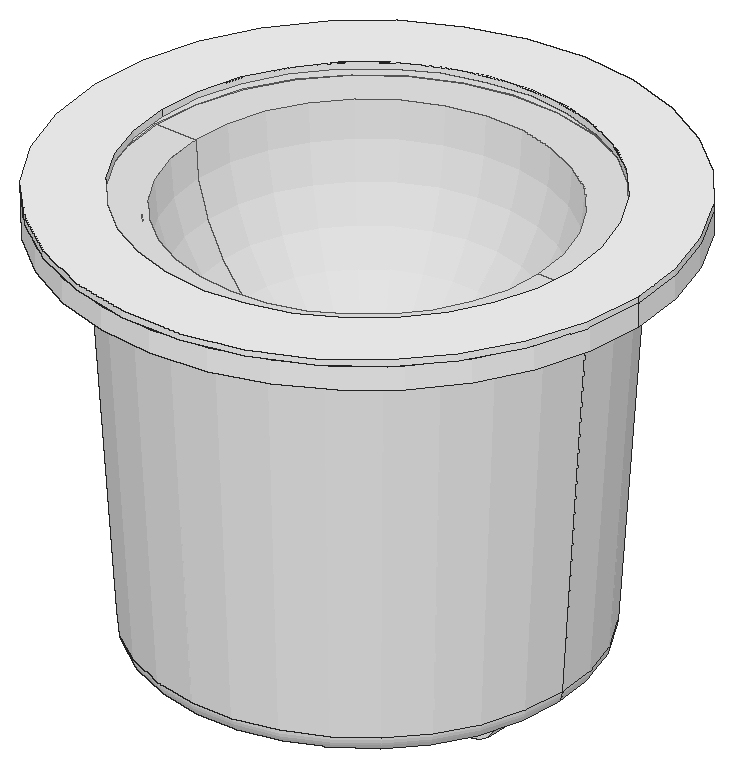
Revit family "2058899 Feilo Sylvania Lighting Fixture MYRD IP FL 3K DALIEM BLK WBEZ", category Lighting Fixtures, host Face, Revit 2017
Family settings
  Host = Face
  Round Connector Dimension = Use Diameter
  Part Type = Normal
  OmniClass Number = 23.80.70.11.17
  OmniClass Title = Specialized Lighting by Location or Use
  Cut with Voids When Loaded = No
  Light Source = Yes
  Shared = No
  Room Calculation Point = No
Parameters
  Weight = "1.44 kg"
  Wattage = 15 W
  WarrantyStartDate [instance] = "n/a"
  WarrantyGuarantorParts = "n/a"
  WarrantyDurationUnit = "n/a"
  WarrantyDurationParts = "n/a"
  WarrantyDescription = "n/a"
  built-in parameter 1150110 = 1 (stored number, unit not read)
  Voltage = 230 V
  URL = "http://www.sylvania-lighting.com"
  TypeName = "MYRD IP FL 3K DALIEM BLK WBEZ"
  Type Image = 0
  Type Comments = ""
  built-in parameter 1114217 = 1 (stored number, unit not read)
  Tilt Angle = -90°
  built-in parameter 1150109 = 1 (stored number, unit not read)
  built-in parameter 1150134 = (empty or 0)
  built-in parameter 1150113 = 1 (stored number, unit not read)
  SerialNumber [instance] = "n/a"
  Reflector Radius = Cutout Diameter / 2 - 2.5 mm  # 35.0 mm
  Reflector Material = Aluminum_Sylvania_Myriad_Bright
  Recessed Depth = Height  # 72.0 mm
  PowerFactor = 0
  PowerConsumption = "15 W"
  Photometric Web File = ""
  NominalWidth = 0.0 mm
  NominalLength = 76.0 mm
  NominalHeight = 72.0 mm
  Name = "MYRD IP FL 3K DALIEM BLK WBEZ"
  ModelReference = "MYRD IP FL 3K DALIEM BLK WBEZ"
  ModelNumber = "2058899"
  Material = "Aluminium"
  ManufacturerName = "Feilo Sylvania"
  LuminousEfficacy = "50 lm/W"
  LuminaireType = "Ceiling recessed"
  LightOutputRatio = "1"
  LampsType = Lamp  # "LED"
  LampNominalLuminous = "790 lm"
  LampMacAdamStep = "n/a"
  LampColourTemperature = "3000 K"
  LampColourRenderingIndex = "n/a"
  Keynote = "16500"
  Keynote_2 = "16500"
  InstallationDate [instance] = "n/a"
  InputVoltage = "230-240V~"
  InputNominalFrequency = "50/60 Hz"
  IngressProtection = "IP65"
  ImpactProtectionIndex = "IK02"
  IfcExportType = "IfcLightFixtureType"
  IfcExportAs = "IfcLightFixtureType"
  Height = 72.0 mm  # constant formula
  ExpectedLife = 50000
  Emit from Circle Diameter = Accessory Inner Diameter 2  # 68.0 mm
  Emit Shape Visible in Rendering = no
  ElectricShockClassification = "Class II"
  DurationUnit = "hours"
  DocumentationLiterature = "http://www.sylvania-lighting.com/product/en-int/products/2058899"
  DimmingControlOptions = "Dimmable"
  Diffuser Material = Glass_Sylvania_Myriad_Clear_4000K
  Diffuser Diameter = Cutout Diameter  # 75.0 mm
  Cutout Diameter = 75.0 mm  # constant formula
  CreatedOn = "03-11-2017"
  CreatedBy = ""
  Cost = 0
  built-in parameter 1114216 [instance] = 1 (stored number, unit not read)
  built-in parameter 1150142 = (empty or 0)
  Model = "MYRD IP FL 3K DALIEM BLK WBEZ"
  Manufacturer = "Feilo Sylvania"  # constant formula
  built-in parameter 1150105 = 59.683 (stored number, unit not read)
  Lumens = 750 lm
  built-in parameter 1150115 = 1 (stored number, unit not read)
  built-in parameter 1150137 = (empty or 0)
  built-in parameter 1150139 = (empty or 0)
  built-in parameter 1150112 = 1 (stored number, unit not read)
  built-in parameter 1150114 = 1 (stored number, unit not read)
  Lamp = "LED"
  built-in parameter 1150132 = (empty or 0)
  built-in parameter 1150102 = (empty or 0)
  built-in parameter 1150107 = 3000 (stored number, unit not read)
  built-in parameter 1150138 = (empty or 0)
  built-in parameter 1150106 = 0.59683 (stored number, unit not read)
  built-in parameter 1150104 = 4.6452 (stored number, unit not read)
  Dimming Lamp Color Temperature Shift = (empty or 0)
  Description = "Supplied complete with electronic control gear Compact Fluorescent low energy downlight Emergency version passes through the cut out Ideal for low level orientation lighting New range of Architectural accessories each providing a different lit dimension New completely flush plaster up accessory ring for clean ceiling lines and smooth finish Order lamp separately"  # constant formula
  Default Elevation = 0.0 mm
  Color Filter = 16777215
  built-in parameter 1140040 [instance] = 1
  Body Radius = Reflector Radius + 1.5 mm  # 36.5 mm
  Body Material = Aluminum_Sylvania_Myriad_Gray
  BarCode [instance] = "n/a"
  built-in parameter 1114218 = 1 (stored number, unit not read)
  built-in parameter 1150133 = 10 (stored number, unit not read)
  AssetType = "Fixed"
  AssetIdentifier [instance] = "n/a"
  Assembly Code = "D5020200"
  Apparent Load = 15 VA
  Accessory Material = Aluminum_Sylvania_Myriad_White
  Accessory Inner Diameter 2 = Accessory Diameter - 22.0 mm  # 68.0 mm
  Accessory Inner Diameter 1 = Accessory Diameter - 2.0 mm  # 88.0 mm
  Accessory Diameter = Cutout Diameter + 15.0 mm  # 90.0 mm
Reference planes
  plane 1 "Center (Front/Back)": y = 0
  plane 2: z = 0
  plane 3 "Center (Left/Right)": x = 0
  plane 4: z = 2
  plane 5 "Fixture Bottom": z = 4.5
  plane 6: z = -28.5
  plane 7: z = -61.5
  plane 8 "Fixture Top": z = -67.5
  plane 9: z = 3.5
Forms (mm)
  Revolve 1, solid, material "Aluminum_Sylvania_Myriad_Bright" <- "Reflector Material", detail levels fine
    sketch origin (0, 0, 0) x (1, 0, 0) y (0, 0, 1)
      loop
        line (0, -27.515) -> (-6, -27.515)
        arc (-6, -27.515) -> (-22.333, -16.632) -> (-28.5, 2) r 30.135
        line (-28.5, 2) -> (-35, 2) -> (-35, 0) -> (-29.184, 0)
        arc (-29.184, 0) -> (-22.423, -18.18) -> (-6, -28.5) r 30.204
        line (-6, -28.5) -> (0, -28.5) -> (0, -27.515)
      axis (0, -28.5) -> (0, 2)
    angle from 0 to 360
  Revolve 2, solid, material "Aluminum_Sylvania_Myriad_Gray" <- "Body Material", detail levels fine
    sketch origin (0, 0, 0) x (1, 0, 0) y (0, 0, 1)
      loop
        line (-44, 2) -> (-44, 0) -> (-36.5, 0) -> (-32.42, -58.708)
        arc (-32.42, -58.708) -> (-31.474, -60.694) -> (-29.428, -61.5) r 3
        line (-29.428, -61.5) -> (0, -61.5) -> (0, -28.5) -> (-6, -28.5)
        arc (-6, -28.5) -> (-22.423, -18.18) -> (-29.184, 0) r 30.204
        line (-29.184, 0) -> (-35, 0) -> (-35, 2) -> (-44, 2)
      axis (0, 2) -> (0, -61.5)
    angle from 0 to 360
  Extrusion 3, solid, material "Aluminum_Sylvania_Myriad_Gray" <- "Body Material", detail levels fine
    sketch origin (0, 0, 0) x (1, 0, 0) y (0, 0, 1)
      loop
        line (-13.5, -67.5) -> (21, -67.5)
        arc (21, -67.5) -> (23.828, -66.328) -> (25, -63.5) r 4
        line (25, -63.5) -> (25, -61.5) -> (-17.5, -61.5) -> (-17.5, -63.5)
        arc (-17.5, -63.5) -> (-16.328, -66.328) -> (-13.5, -67.5) r 4
    from -4.5 to 4.5
  Extrusion 4, solid, material "Aluminum_Sylvania_Myriad_White" <- "Accessory Material", detail levels fine
    sketch origin (0, 0, 0) x (1, 0, 0) y (0, 1, 0)
      loop
        circle (0, 0) r 45
      loop
        circle (0, 0) r 44
    from 0 to 3.5
  Extrusion 5, solid, material "Aluminum_Sylvania_Myriad_White" <- "Accessory Material", detail levels fine
    sketch origin (0, 0, 0) x (1, 0, 0) y (0, 1, 0)
      loop
        circle (0, 0) r 45
      loop
        circle (0, 0) r 34
    from 3.5 to 4.5
  Extrusion 6, solid, material "Aluminum_Sylvania_Myriad_White" <- "Accessory Material", detail levels coarse+medium
    sketch origin (0, 0, 0) x (1, 0, 0) y (0, 1, 0)
      loop
        circle (0, 0) r 45
    from 0 to 4.5
  Revolve 7, solid, detail levels coarse+medium
    sketch origin (0, 0, 0) x (1, 0, 0) y (0, 0, 1)
      loop
        line (36.5, 0) -> (0, 0) -> (0, -61.5) -> (32.226, -61.5) -> (36.5, 0)
      axis (0, 0) -> (0, -61.5)
    angle from 0 to 360
  Extrusion 8, void
    sketch origin (0, 0, 0) x (1, 0, 0) y (0, 1, 0)
      loop
        circle (0, 0) r 37.5
    from -67.5 to 0
  Extrusion 9, solid, material "Glass_Sylvania_Myriad_Clear_4000K" <- "Diffuser Material", detail levels fine
    sketch origin (0, 0, 0) x (1, 0, 0) y (0, 1, 0)
      loop
        circle (0, 0) r 37.5
    from 2 to 3.5
Cuts and joins
  joined: Extrusion 4, Extrusion 5
Lines and regions (mm)
  Masking region 1
    outline origin (0, 0, 0) x (1, 0, 0) y (0, 1, 0)
      loop
        circle (0, 0) r 45
  symbolic lines
    curve 1: arc (-34, 0, 0) -> (0, 34, 0) -> (34, 0, 0) r 34
    curve 2: arc (34, 0, 0) -> (0, -34, 0) -> (-34, 0, 0) r 34
Dimensions and locks
  locked: plane 7 to plane 8 "Fixture Top" at 6
  "Body Radius": Revolve 7 sketch curve to plane 3 "Center (Left/Right)"
  locked: Revolve 7 sketch curve to Revolve 7 sketch curve at 4.274
  plane 5 "Fixture Bottom" to plane 9 to plane 4 to plane 2 to plane 6 = 1.0 mm locked, 1.5 mm locked, 2.0 mm locked, 28.5 mm locked
  "Reflector Radius": Revolve 1 sketch curve to plane 3 "Center (Left/Right)"
  Revolve 1 sketch curve to Revolve 1 sketch curve to Revolve 1 sketch curve to Revolve 1 sketch curve = 6.5 mm locked, 22.5 mm locked, 0.0 mm locked
  "Reflector Radius": plane 3 "Center (Left/Right)" to Revolve 2 sketch curve
  Revolve 2 sketch curve to Revolve 2 sketch curve to Revolve 2 sketch curve = 7.5 mm locked, 1.5 mm locked
  Revolve 2 sketch curve to Revolve 2 sketch curve to Revolve 2 sketch curve = 5.816 mm locked, 23.184 mm locked
  Revolve 2 sketch curve to Revolve 2 sketch curve to Revolve 2 sketch curve = 2.58 mm locked, 2.993 mm locked
  "Accessory Diameter": diameter of Extrusion 4 sketch curve
  "Accessory Inner Diameter 1": diameter of Extrusion 4 sketch curve
  "Accessory Diameter": diameter of Extrusion 5 sketch curve
  "Accessory Diameter": diameter of Extrusion 6 sketch curve
  "Cutout Diameter": diameter of Extrusion 8 sketch curve
  "Accessory Inner Diameter 2": diameter of Extrusion 5 sketch curve
  "Diffuser Diameter": diameter of Extrusion 9 sketch curve
  aligned and locked: plane 2 to host face
  aligned and locked: level to host face
  aligned and locked: plane 1 "Center (Front/Back)" to imposter light
  aligned and locked: plane 3 "Center (Left/Right)" to imposter light
  aligned and locked: Revolve 1 sketch curve to imposter light
  aligned and locked: Extrusion 3 sketch curve to plane 8 "Fixture Top"
  aligned and locked: plane 7 to Extrusion 3 sketch curve
  aligned and locked: Extrusion 4 to plane 2
  aligned and locked: plane 9 to Extrusion 4
  aligned and locked: Extrusion 5 to plane 9
  aligned and locked: plane 5 "Fixture Bottom" to Extrusion 5
  aligned and locked: Extrusion 6 to plane 2
  aligned and locked: plane 5 "Fixture Bottom" to Extrusion 6
  aligned and locked: Extrusion 8 to plane 8 "Fixture Top"
  aligned and locked: plane 2 to Extrusion 8
  aligned and locked: Masking region 1 sketch curve to Extrusion 6  (x2)
  aligned and locked: Extrusion 9 to plane 4
  aligned and locked: plane 9 to Extrusion 9
  aligned and locked: plane 4 to Revolve 2 sketch curve
  aligned and locked: Revolve 2 sketch curve to plane 2
  aligned and locked: curve 1 to cut or joined group of Extrusion 4, Extrusion 5
  aligned and locked: curve 2 to cut or joined group of Extrusion 4, Extrusion 5
  aligned and locked: imposter light to plane 5 "Fixture Bottom"
Automatic sketch dimensions
  host sketch curve to host sketch curve = 1305.563 mm
  host sketch curve to host sketch curve = 1283.632 mm
  Extrusion 3 sketch curve to plane 7 = 2.0 mm
  Extrusion 3 sketch curve to plane 3 "Center (Left/Right)" = 13.5 mm
  plane 3 "Center (Left/Right)" to Extrusion 3 sketch curve = 21.0 mm
  Extrusion 3 sketch curve to Extrusion 3 sketch curve = 4.0 mm
  Revolve 1 sketch curve to level = 0.0 mm
  Revolve 1 sketch curve to plane 3 "Center (Left/Right)" = 0.0 mm
  Revolve 1 sketch curve to plane 6 = 0.0 mm
  Revolve 1 sketch curve to plane 4 = 0.0 mm
  Revolve 1 sketch curve to Revolve 1 sketch curve = 0.684 mm
  level to Revolve 1 sketch curve = 0.88 mm
  Revolve 1 sketch curve to plane 4 = 0.363 mm
  Revolve 1 sketch curve to Revolve 1 sketch curve = 0.625 mm
  Revolve 1 sketch curve to plane 8 "Fixture Top" = 232.8 mm
  plane 5 "Fixture Bottom" to Revolve 1 sketch curve = 291.243 mm
  Revolve 2 sketch curve to plane 3 "Center (Left/Right)" = 0.0 mm  (x2)
  Revolve 2 sketch curve to plane 7 = 0.0 mm
  Revolve 2 sketch curve to plane 6 = 0.0 mm
  Revolve 2 sketch curve to level = 0.0 mm
  level to Revolve 2 sketch curve = 0.88 mm
  plane 7 to Revolve 2 sketch curve = 2.792 mm
  Revolve 2 sketch curve to plane 8 "Fixture Top" = 304.774 mm
  plane 5 "Fixture Bottom" to Revolve 2 sketch curve = 1137.105 mm
  Extrusion 4 sketch curve to Extrusion 4 sketch curve = 0.0 mm  (x2)
  plane 1 "Center (Front/Back)" to Extrusion 4 sketch curve = 0.0 mm
  Extrusion 4 sketch curve to plane 3 "Center (Left/Right)" = 0.0 mm
  Extrusion 5 sketch curve to Extrusion 5 sketch curve = 0.0 mm  (x2)
  plane 1 "Center (Front/Back)" to Extrusion 5 sketch curve = 0.0 mm
  Extrusion 5 sketch curve to plane 3 "Center (Left/Right)" = 0.0 mm
  plane 1 "Center (Front/Back)" to Extrusion 6 sketch curve = 0.0 mm
  Extrusion 6 sketch curve to plane 3 "Center (Left/Right)" = 0.0 mm
  Revolve 7 sketch curve to level = 0.0 mm
  Revolve 7 sketch curve to plane 3 "Center (Left/Right)" = 0.0 mm  (x2)
  Revolve 7 sketch curve to plane 7 = 0.0 mm
  Revolve 7 sketch curve to plane 8 "Fixture Top" = 304.774 mm
  plane 5 "Fixture Bottom" to Revolve 7 sketch curve = 43.226 mm
  plane 1 "Center (Front/Back)" to Extrusion 8 sketch curve = 0.0 mm
  Extrusion 8 sketch curve to plane 3 "Center (Left/Right)" = 0.0 mm
  plane 1 "Center (Front/Back)" to Extrusion 9 sketch curve = 0.0 mm
  Extrusion 9 sketch curve to plane 3 "Center (Left/Right)" = 0.0 mm
Connectors
  electrical at (-0.006, -0.019, -67.5), driven by "Apparent Load", driven by "Apparent Load"
    settings: on plane 8 "Fixture Top", index 1, voltage 230 V, apparent load 15 VA, apparent load phase1 15 VA, apparent load phase2 0 VA, apparent load phase3 0 VA, power factor 1, load classification "Lighting", number of poles 1, system type 30, power factor state 1, is connector primary yes, connector utility no, sub classification motor no, connector description ""
